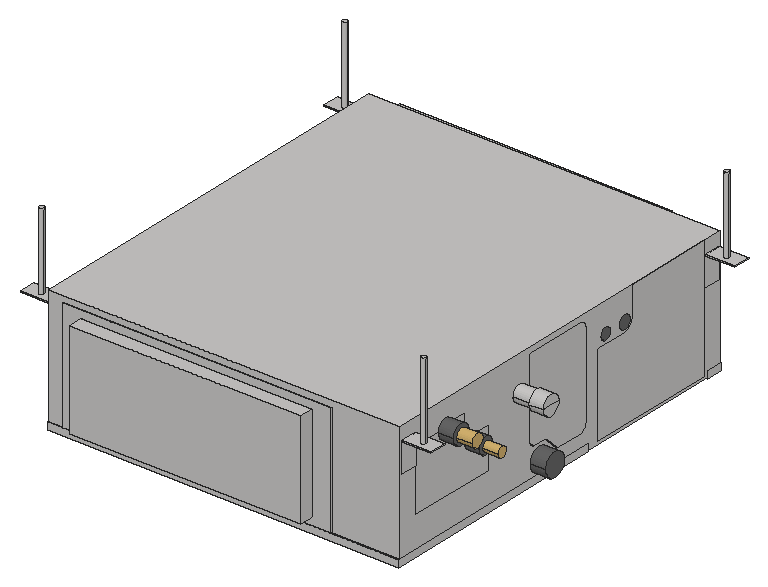
Revit family "Heat_Pump-Split_System-Indoor-Ducted-JCI-Medium_Static-0.5-4.5_ton", category Mechanical Equipment, Revit 2014 (continued)
Connectors (in)
  piping at (16.3315, -8.8125, 5.875), diameter 0.25, driven by "DX Liquid Radius"
    settings: on Extrusion 1, index 11, connector inside diameter 24", connector length 0.000", flow factor 0, pipe flow 0 GPM, pressure drop 0.00 psi, fitting loss kfactor 0, connector angle 0.00°, fixture units 0, engagement length 0.000", angle of deflection 0.00°, flow configuration 0, flow direction 0, fitting loss method 0, system type 22, joint type 0, gender type 0, connector reference index 10, connector utility 0, adjustable connector no, is connector primary no, connector description "Refrigerant Liquid"
  hvac at (-1.6565, 15.829, 4.90625), driven by "Return Air Connection Height", driven by "Return Air Connection Width"
    settings: on Extrusion 13, index 22, duct flow 0 CFM, flow factor 0, pres drop 0.00 in-wg, loss coef 0, conn angle 0.00°, conn width 21 5/8", conn height 8 7/16", conn diameter 24", duct sys type 2, conn prof type 1, flow config 0, flow direction 1, loss method 0, conn ref index -1, conn util no, is conn primary no, conn desc "Return Air In"
  electrical at (13.8315, 4.5, 7.5)
    settings: on Extrusion 16, index 23, voltage 0 V, apparent load 0 VA, apparent load phase1 0 VA, apparent load phase2 0 VA, apparent load phase3 0 VA, power factor 1, load classification "Other", number of poles 1, system type 13, power factor state 1, is connector primary yes, connector utility no, sub classification motor no, connector description "Controls"
  electrical at (13.8315, 6.375, 7.5), driven by "Number of Poles", driven by "Load Classification", driven by "Voltage", driven by "Apparent Load", driven by "Power Factor"
    settings: on Extrusion 16, index 24, voltage 208 V, apparent load 260 VA, apparent load phase1 0 VA, apparent load phase2 0 VA, apparent load phase3 0 VA, power factor 0.8, load classification "HVAC", number of poles 2, system type 30, power factor state 1, is connector primary no, connector utility no, sub classification motor no, connector description "Power"
  cabletrayconduit at (13.8315, 4.5, 7.5), diameter 0.875, driven by "Controls Radius"
    settings: on Extrusion 16, index 25, connector width 12.000", connector height 12.000", connector angle 0.00°, system type 32, placement type 0, profile type 0, connector reference index -1, is primary connector yes, connector utility param no, connector description "Controls Conduit"
  cabletrayconduit at (13.8315, 6.375, 7.5), diameter 1, driven by "Power Radius"
    settings: on Extrusion 16, index 26, connector width 12.000", connector height 12.000", connector angle 0.00°, system type 32, placement type 0, profile type 0, connector reference index -1, is primary connector no, connector utility param no, connector description "Power Conduit"
  piping at (15.0315, -2.03125, 1.5625), diameter 1.25, driven by "Actual Condensate Drain Flow", driven by "Drain Radius"
    settings: on Extrusion 17, index 27, connector inside diameter 24", connector length 0.000", flow factor 0, pipe flow 0 GPM, pressure drop 0.00 psi, fitting loss kfactor 0, connector angle 0.00°, fixture units 0, engagement length 0.000", angle of deflection 0.00°, flow configuration 1, flow direction 2, fitting loss method 0, system type 16, joint type 0, gender type 0, connector reference index -1, connector utility 0, adjustable connector yes, is connector primary no, connector description "Drain Out"
